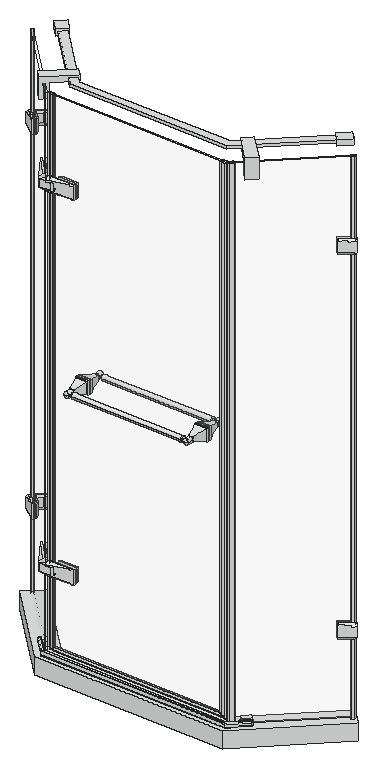
Revit family "Shower-Shower_Door-KOHLER-NEW_MEMOIRS-K-76570T_1", category Specialty Equipment, host Face, Revit 2017
Family settings
  Host = Face
  Round Connector Dimension = Use Diameter
  Part Type = Normal
  OmniClass Number = 23.31.17.17
  OmniClass Title = Shower Enclosures
  Cut with Voids When Loaded = No
  Shared = No
  Room Calculation Point = No
Parameters (values of type "SHP-Polished Bright Silver")
  Width = 50 15/128"  # constant formula
  WaterSense Certified = 1 = 0  # no
  URL = "http://www.kohler.com.cn/"
  Type = 1
  Product Page URL = "https://www.kohler.com.cn/product/K-76570T-FM-SHP/K-76570T-FM-SHP/"
  Product Name = "NEW MEMOIRS"  # constant formula
  Product Documentation Link = "https://files.kohler.com.cn/pdfs/1537854717733_K-76570T-L-SHP-K-76583T-L-SHP(1269270).pdf"
  Model = if(Type = 1, "K-76570T-FM-SHP", if(Type = 2, "K-76570T-FM-AF", if(Type = 3, "K-76570T-FM-BN", if(Type = 4, "K-76570T-FM-RGD", "NA"))))  # "K-76570T-FM-SHP"
  Material = "Premium Metal Construction"  # constant formula
  Master Format 2014 Name = "Toilet, Bath, and Laundry Accessories"  # constant formula
  Master Format 2014 = "10 28 00"  # constant formula
  Manufacturer Address = "Kohler Beijing Office (100016) 36-2-03-B, No. 88, Liuxiang Road, Beijing"  # constant formula
  Manufacturer = "KOHLER Co."  # constant formula
  Length = 16 57/64"  # constant formula
  Height = 77 127/128"  # constant formula
  Finish = Kohler-Metal-SHP-Bright_Polished_Silver
  Environmental Product Declaration = ""
  Description = "Shower room with door, diamond type (two fixed glass and one door glass)"  # constant formula
  Default Elevation = 0"
  Declare Label = ""
  Date Modified = "09/29/2020"  # constant formula
  Date Created = "09/29/2020"  # constant formula
  Copyright = "Copyright KOHLER Co."  # constant formula
  Contact Us = "http://www.kohler.com.cn/contact/contact-us/"
  Assembly Code = "C1030200"
  ADA Compliant = 1 = 0  # no
Reference planes (in)
  plane 1 "Center (Front/Back)": y = 0
  plane 2: z = 0
  plane 3 "Center (Left/Right)": x = 0
  plane 4: x = 25.05906
  plane 5: x = -25.05813
  plane 6: x = -13.99514
  plane 7: x = 13.99699
  plane 8: x = -7.84646
  plane 9: x = -8.77165
  plane 10: x = -6.92126
  plane 11: x = 1.00486
  plane 12: x = 8.92913
  plane 13: x = 9.85433
  plane 14: x = 10.77953
  plane 15: z = 40.1378
  plane 16: z = 77.16535
  plane 17: z = 77.99219
  plane 18: z = 41.06299
  plane 19: z = 39.2126
  plane 20: y = 8.44488
  plane 21: y = -8.44574
  plane 22: y = -5.31312
  plane 23: y = -4.9973
  plane 24: through (-10.34351, -8.44488, 48) normal (-0.7071, -0.7071, 0)
  plane 25: through (-25.05933, 6.71636, 48) normal (0.7071, 0.7071, 0)
  plane 26: through (25.05906, 6.27067, 48) normal (0.7071, -0.7071, 0)
  plane 27: through (9.89808, -8.44488, 48) normal (-0.7071, 0.7071, 0)
  plane 28: through (-14.04601, -0.61666, 48) normal (-0.7071, -0.7071, 0)
  plane 29: through (-13.21084, 0.2185, 48) normal (-0.7071, -0.7071, 0)
  plane 30: through (13.21084, 0.2185, 48) normal (-0.7071, 0.7071, 0)
  plane 31: through (14.04601, -0.61666, 48) normal (-0.7071, 0.7071, 0)
  plane 32: through (-25.05933, 4.54439, 48) normal (-0.7071, 0.7071, 0)
  plane 33: through (-15.88887, -8.44488, 48) normal (-0.7071, 0.7071, 0)
  plane 34: through (25.05933, 4.54439, 48) normal (-0.7071, -0.7071, 0)
  plane 35: through (15.88887, -8.44488, 48) normal (-0.7071, -0.7071, 0)
  plane 36: y = -6.53532
  plane 37: y = 6.77177
Dimensions and locks (in)
  "Width": plane 5 to plane 4
  "Height": plane 17 to plane 2
  locked: plane 16 to plane 2 at 77.16535
  locked: plane 15 to plane 2 at 40.1378
  locked: plane 5 to plane 6 at 11.06299
  locked: plane 6 to plane 7 at 27.99213
  plane 7 to plane 4 = 11.06207"
  locked: plane 28 to plane 29 at 1.1811
  locked: plane 30 to plane 31 at 1.1811
  locked: plane 27 to plane 26 at 0.31496
  locked: plane 25 to plane 24 at 0.31496
  locked: plane 6 to plane 11 at 15
  locked: plane 9 to plane 14 at 19.55118
  locked: plane 21 to plane 22 at 3.13262
  locked: plane 32 to plane 33 at 15.66929
  locked: plane 34 to plane 35 at 15.66929
  "Length": plane 20 to plane 21
  locked: plane 37 to plane 36 at 13.30709
  aligned and locked: plane 2 to host face
  aligned and locked: level to host face
Automatic sketch dimensions
  host sketch curve to host sketch curve = 96"  (x2)
Nested families (in)
  nested 1: "K-76570T" at (0, 8.44488, 0), type "K-76570T"
Definition of nested family "K-76570T"
  Parameters (values of type "K-76570T")
    Material = none
  Reference planes (in)
    plane 1 "Center (Front/Back)": y = 0
    plane 2: z = 0
    plane 3 "Center (Left/Right)": x = 0
    plane 4: x = -25.05906
    plane 5: x = 25.05906
    plane 6: x = -13.99606
    plane 7: x = 13.99606
    plane 8: z = 40.1378
    plane 9: z = 77.16535
    plane 10: z = 77.99213
    plane 11: y = -16.88976
    plane 12: x = 1.00394
    plane 13 "A": through (-22.15546, -0.99663, 48) normal (0.7071, -0.7071, 0)
    plane 14: through (-5.31446, -6.31535, 48) normal (0.7071, -0.7071, 0)
    plane 15: through (22.15546, -0.99663, 48) normal (0.7071, 0.7071, 0)
    plane 16 "B": through (5.31446, -6.31535, 48) normal (0.7071, 0.7071, 0)
    plane 17: through (-24.02902, -3.20425, 48) normal (0.7071, 0.7071, 0)
    plane 18: through (-23.80631, -2.98154, 48) normal (0.7071, 0.7071, 0)
    plane 19: through (24.02902, -3.20425, 48) normal (0.7071, -0.7071, 0)
    plane 20: through (23.80631, -2.98154, 48) normal (0.7071, -0.7071, 0)
    plane 21: y = -13.75714
    plane 22: y = -13.44218
    plane 23: y = -1.67311
    plane 24: y = -14.9802
    plane 25: z = 14.17323
    plane 26: z = 65.35433
    plane 27: x = -8.77165
    plane 28: x = 10.77953
    plane 29: x = -6.92126
    plane 30: x = -7.84646
    plane 31: x = 8.92913
    plane 32: x = 9.85433
    plane 33: y = -10.21533
    plane 34: y = -11.39643
    plane 35: y = -8.44488
  Forms (in)
    Extrusion 1, solid, material <- "Material", detail levels medium+fine
      sketch origin (0, 0, 0) x (1, 0, 0) y (0, 1, 0)
        loop
          line (-22.83195, -1.67311) -> (-25.05906, -3.90022) -> (-13.97908, -14.9802) -> (13.9709, -14.9802) -> (25.05496, -3.89613) -> (22.82786, -1.66902) -> (12.66768, -11.8292) -> (-12.67586, -11.8292) -> (-22.83195, -1.67311)
      from 0 to 2.3622
    Extrusion 2, solid, material <- "Material", detail levels medium+fine
      sketch origin (0, 0, 0) x (1, 0, 0) y (0, 1, 0)
        loop
          line (-23.81187, -2.97597) -> (-23.55306, -3.23478)
          arc (-23.55306, -3.23478) -> (-23.54408, -3.2181) -> (-23.55011, -3.20015) r 0.02382
          line (-23.55011, -3.20015) -> (-23.79037, -2.93331)
          arc (-23.79037, -2.93331) -> (-24.08497, -2.92559) -> (-24.07725, -3.22018) r 0.20313
          line (-24.07725, -3.22018) -> (-23.8106, -3.46028)
          arc (-23.8106, -3.46028) -> (-23.79278, -3.46609) -> (-23.77652, -3.45675) r 0.02309
          line (-23.77652, -3.45675) -> (-24.03556, -3.19771)
          arc (-24.03556, -3.19771) -> (-24.04438, -3.17641) -> (-24.03556, -3.15511) r 0.03012
          line (-24.03556, -3.15511) -> (-23.85642, -2.97597)
          arc (-23.85642, -2.97597) -> (-23.83415, -2.96675) -> (-23.81187, -2.97597) r 0.0315
      from 2.3622 to 77.16535
    Extrusion 3, solid, material <- "Material", detail levels medium+fine
      sketch origin (0, 0, 0) x (1, 0, 0) y (0, 1, 0)
        loop
          line (-12.69487, -13.44218) -> (-12.32876, -13.44218)
          arc (-12.32876, -13.44218) -> (-12.33432, -13.42383) -> (-12.35151, -13.4153) r 0.02417
          arc (-12.35151, -13.4153) -> (-12.55834, -13.39902) -> (-12.76573, -13.39359) r 3.96278
          line (-12.76573, -13.39359) -> (-13.34024, -13.39359) -> (-13.34024, -13.43296) -> (-12.76573, -13.43296) -> (-12.76573, -13.7745)
          arc (-12.76573, -13.7745) -> (-12.75011, -13.8096) -> (-12.71357, -13.82148) r 0.04724
          line (-12.71357, -13.82148) -> (-12.35024, -13.78345)
          arc (-12.35024, -13.78345) -> (-12.33488, -13.77454) -> (-12.33132, -13.75714) r 0.0217
          line (-12.33132, -13.75714) -> (-12.69487, -13.75714)
          arc (-12.69487, -13.75714) -> (-12.71714, -13.74792) -> (-12.72636, -13.72565) r 0.0315
          line (-12.72636, -13.72565) -> (-12.72636, -13.47368)
          arc (-12.72636, -13.47368) -> (-12.71714, -13.45141) -> (-12.69487, -13.44218) r 0.0315
      from 3.30709 to 77.16535
    Extrusion 4, solid, material <- "Material", detail levels medium+fine
      sketch origin (0, 0, 0) x (1, 0, 0) y (0, 1, 0)
        loop
          arc (12.99017, -13.4419) -> (13.01244, -13.45112) -> (13.02167, -13.47339) r 0.0315
          line (13.02167, -13.47339) -> (13.02167, -13.72536)
          arc (13.02167, -13.72536) -> (13.01244, -13.74763) -> (12.99017, -13.75686) r 0.0315
          line (12.99017, -13.75686) -> (12.50771, -13.75686)
          arc (12.50771, -13.75686) -> (12.50928, -13.78024) -> (12.52642, -13.79623) r 0.03186
          arc (12.52642, -13.79623) -> (12.73099, -13.85511) -> (12.94293, -13.87497) r 1.14096
          line (12.94293, -13.87497) -> (13.35211, -13.87497) -> (13.51427, -13.8078) -> (13.34307, -13.39449)
          arc (13.34307, -13.39449) -> (13.21658, -13.34177) -> (13.08072, -13.32379) r 0.52206
          line (13.08072, -13.32379) -> (12.94293, -13.32379)
          arc (12.94293, -13.32379) -> (12.73583, -13.34254) -> (12.53547, -13.3982) r 1.1528
          arc (12.53547, -13.3982) -> (12.51424, -13.41541) -> (12.50751, -13.4419) r 0.04341
          line (12.50751, -13.4419) -> (12.99017, -13.4419)
        loop
          line (13.37342, -13.82353) -> (13.44617, -13.7934) -> (13.2955, -13.42966) -> (13.22276, -13.4598) -> (13.37342, -13.82353)
      from 3.30709 to 77.16535
    Extrusion 5, solid, material <- "Material", detail levels medium+fine
      sketch origin (0, 0, 0) x (1, 0, 0) y (0, 1, 0)
        loop
          line (23.7914, -2.93283) -> (23.55633, -3.19391)
          arc (23.55633, -3.19391) -> (23.55112, -3.21139) -> (23.56138, -3.22647) r 0.02126
          line (23.56138, -3.22647) -> (23.81792, -2.96992)
          arc (23.81792, -2.96992) -> (23.8402, -2.9607) -> (23.86247, -2.96992) r 0.0315
          line (23.86247, -2.96992) -> (24.04138, -3.14883)
          arc (24.04138, -3.14883) -> (24.05029, -3.17036) -> (24.04138, -3.19189) r 0.03045
          line (24.04138, -3.19189) -> (23.78299, -3.45028)
          arc (23.78299, -3.45028) -> (23.79879, -3.45997) -> (23.81646, -3.4544) r 0.02234
          line (23.81646, -3.4544) -> (24.07772, -3.21916)
          arc (24.07772, -3.21916) -> (24.08542, -2.92513) -> (23.7914, -2.93283) r 0.20274
      from 2.3622 to 77.16535
    Extrusion 6, solid, material <- "Material", detail levels medium+fine
      sketch origin (0, 0, 0) x (1, 0, 0) y (0, 1, 0)
        loop
          line (13.56735, -13.10096) -> (13.46991, -13.1984)
          arc (13.46991, -13.1984) -> (13.39429, -13.30475) -> (13.3578, -13.43005) r 0.39178
          line (13.3578, -13.43005) -> (13.52693, -13.83837) -> (13.66776, -13.78004) -> (13.85966, -13.58814)
          arc (13.85966, -13.58814) -> (14.03817, -13.36941) -> (14.1692, -13.11932) r 1.40119
          arc (14.1692, -13.11932) -> (14.17367, -13.09271) -> (14.16661, -13.06666) r 0.06312
          line (14.16661, -13.06666) -> (13.81776, -13.41551)
          arc (13.81776, -13.41551) -> (13.79415, -13.42529) -> (13.77054, -13.41551) r 0.03339
          line (13.77054, -13.41551) -> (13.59371, -13.23868)
          arc (13.59371, -13.23868) -> (13.58449, -13.21641) -> (13.59371, -13.19414) r 0.0315
          line (13.59371, -13.19414) -> (13.94446, -12.84338)
          arc (13.94446, -12.84338) -> (13.92025, -12.83535) -> (13.8956, -12.84191) r 0.04454
          arc (13.8956, -12.84191) -> (13.72387, -12.9618) -> (13.56735, -13.10096) r 1.78665
        loop
          line (13.39291, -13.42514) -> (13.54357, -13.78887) -> (13.61632, -13.75874) -> (13.46565, -13.395) -> (13.39291, -13.42514)
      from 2.3622 to 77.16535
    Sweep 7, solid, material <- "Material", detail levels medium+fine
      path origin (0, 0, 0) x (1, 0, 0) y (0, 1, 0)
        loop
          line (-15.71574, -11.73686) -> (-15.91061, -11.93173)
          arc (-15.91061, -11.93173) -> (-15.9452, -12.01525) -> (-15.91061, -12.09876) r 0.11811
          line (-15.91061, -12.09876) -> (-13.6835, -14.32587) -> (13.6787, -14.32587) -> (15.90581, -12.09876)
          arc (15.90581, -12.09876) -> (15.94041, -12.01525) -> (15.90581, -11.93173) r 0.11811
          line (15.90581, -11.93173) -> (15.71094, -11.73686) -> (13.51563, -13.93217) -> (-13.52042, -13.93217) -> (-15.71574, -11.73686)
      profile origin (-13.6835, -14.32587, 0) x (0, 1, 0) y (0, 0, 1)
        loop
          line (0, 2.9328) -> (0, 2.38323)
          arc (0, 2.38323) -> (0.00616, 2.36836) -> (0.02103, 2.3622) r 0.02103
          line (0.02103, 2.3622) -> (0.09567, 2.3622) -> (0.09567, 2.95276) -> (0.01996, 2.95276)
          arc (0.01996, 2.95276) -> (0.00585, 2.94691) -> (0, 2.9328) r 0.01996
    Extrusion 8, solid, material <- "Material", detail levels medium+fine
      sketch origin (0, 0, 0) x (1, 0, 0) y (0, 1, 0)
        loop
          line (-13.64387, -14.2302) -> (13.63908, -14.2302) -> (15.83816, -12.03111)
          arc (15.83816, -12.03111) -> (15.84473, -12.01525) -> (15.83816, -11.99938) r 0.02244
          line (15.83816, -11.99938) -> (15.71094, -11.87216) -> (13.55526, -14.02784) -> (-13.56005, -14.02784) -> (-15.71574, -11.87216) -> (-15.84296, -11.99938)
          arc (-15.84296, -11.99938) -> (-15.84953, -12.01525) -> (-15.84296, -12.03111) r 0.02244
          line (-15.84296, -12.03111) -> (-13.64387, -14.2302)
      from 2.3622 to 2.95276
    Extrusion 9, solid, detail levels medium+fine
      sketch origin (0, 0, 0) x (1, 0, 0) y (0, 1, 0)
        loop
          line (-24.0283, -3.14785) -> (-24.0283, -3.20497) -> (-13.40569, -13.82758) -> (-13.34857, -13.82758) -> (-13.18395, -13.66296) -> (-13.18395, -13.6039) -> (-23.80461, -2.98323) -> (-23.86368, -2.98323) -> (-24.0283, -3.14785)
      from 2.3622 to 77.16535
    Extrusion 10, solid, detail levels medium+fine
      sketch origin (0, 0, 0) x (1, 0, 0) y (0, 1, 0)
        loop
          line (-12.69487, -13.44218) -> (-12.72636, -13.47368) -> (-12.72636, -13.72565) -> (-12.69487, -13.75714) -> (12.97628, -13.75714) -> (13.02167, -13.72536) -> (13.02167, -13.47339) -> (12.99046, -13.44218) -> (-12.69487, -13.44218)
      from 3.34646 to 77.16535
    Extrusion 11, solid, detail levels medium+fine
      sketch origin (0, 0, 0) x (1, 0, 0) y (0, 1, 0)
        loop
          line (13.59371, -13.19414) -> (13.59371, -13.23868) -> (13.77054, -13.41551) -> (13.81776, -13.41551) -> (24.04062, -3.19265) -> (24.04062, -3.14808) -> (23.86247, -2.96992) -> (23.81792, -2.96992) -> (13.59371, -13.19414)
      from 2.3622 to 77.16535
    Extrusion 12, solid, material <- "Material", detail levels medium+fine
      sketch origin (0, 0, 0) x (0, 1, 0) y (0, 0, 1)
        loop
          line (-13.76461, 3.30709) -> (-13.44698, 3.30709)
          arc (-13.44698, 3.30709) -> (-13.41023, 3.32288) -> (-13.39639, 3.3604) r 0.05067
          line (-13.39639, 3.3604) -> (-13.41045, 3.62866)
          arc (-13.41045, 3.62866) -> (-13.17733, 3.20974) -> (-13.09362, 2.7377) r 1.44938
          arc (-13.09362, 2.7377) -> (-13.0735, 2.71816) -> (-13.05418, 2.73848) r 0.01973
          arc (-13.05418, 2.73848) -> (-13.15499, 3.24862) -> (-13.4153, 3.69878) r 1.58674
          arc (-13.4153, 3.69878) -> (-13.41987, 3.72536) -> (-13.44218, 3.74052) r 0.03447
          line (-13.44218, 3.74052) -> (-13.44218, 3.37795)
          arc (-13.44218, 3.37795) -> (-13.45141, 3.35568) -> (-13.47368, 3.34646) r 0.0315
          line (-13.47368, 3.34646) -> (-13.72565, 3.34646)
          arc (-13.72565, 3.34646) -> (-13.74792, 3.35568) -> (-13.75714, 3.37795) r 0.0315
          line (-13.75714, 3.37795) -> (-13.75714, 3.74367)
          arc (-13.75714, 3.74367) -> (-13.77083, 3.73657) -> (-13.7773, 3.72258) r 0.02384
          line (-13.7773, 3.72258) -> (-13.81494, 3.36296)
          arc (-13.81494, 3.36296) -> (-13.80221, 3.32382) -> (-13.76461, 3.30709) r 0.0506
      from -12.76573 to 13.02167
    Blend 13, solid, material <- "Material", detail levels medium+fine
      base sketch origin (5.87809, -15.78741, 2.3622) x (-0.707107, 0.707107, 0) y (0, 0, -1)
        loop
          line (-4.10665, -12.78815) -> (-3.93701, -12.78815) -> (-3.93701, -10.81965) -> (-4.08233, -10.81965) -> (-4.54153, -11.08871) -> (-4.54153, -12.53334) -> (-4.10665, -12.78815)
      top sketch origin (5.87809, -15.78741, 2.3622) x (-0.707107, 0.707107, 0) y (0, 0, -1)
        loop
          line (-4.0989, -10.8726) -> (-4.0989, -12.74944) -> (-4.06019, -12.78815) -> (-3.93701, -12.78815) -> (-3.93701, -10.81965) -> (-4.04594, -10.81965) -> (-4.0989, -10.8726)
      from -21.9685 to -19.78572
    Extrusion 14, solid, material <- "Material", detail levels medium+fine
      sketch origin (5.87809, -15.78741, 2.3622) x (-0.707107, -0.707107, 0) y (0.707107, -0.707107, 0)
        loop
          line (-21.9685, 3.62205) -> (-21.9685, 1.88976) -> (-21.80355, 1.88976)
          arc (-21.80355, 1.88976) -> (-21.6806, 2.17374) -> (-21.63859, 2.48031) r 1.13958
          line (-21.63859, 2.48031) -> (-21.63859, 3.26772) -> (-20.46192, 3.26772)
          arc (-20.46192, 3.26772) -> (-20.11241, 3.31274) -> (-19.78572, 3.44488) r 1.37905
          line (-19.78572, 3.44488) -> (-19.78572, 3.62205) -> (-21.9685, 3.62205)
      from 10.82677 to 12.79528
    Sweep 15, void
      path origin (5.87809, -15.78741, 2.3622) x (-0.707107, -0.707107, 0) y (0.707107, -0.707107, 0)
        loop
          line (-19.6876, 3.26772) -> (-21.63859, 3.26772) -> (-21.63859, 1.88976)
      profile origin (22.79973, -3.48702, 2.3622) x (-0.707107, 0.707107, 0) y (0, 0, 1)
        loop
          line (0, 12.84464) -> (-0.17783, 12.84464) -> (0, 12.43584) -> (0, 12.84464)
        loop
          line (0, 10.7774) -> (0, 11.1862) -> (-0.17783, 10.7774) -> (0, 10.7774)
    Blend 16, solid, material <- "Material", detail levels medium+fine
      base sketch origin (5.87809, -15.78741, 53.54331) x (-0.707107, 0.707107, 0) y (0, 0, -1)
        loop
          line (-4.10665, -12.78815) -> (-3.93701, -12.78815) -> (-3.93701, -10.81965) -> (-4.08233, -10.81965) -> (-4.54153, -11.08871) -> (-4.54153, -12.53334) -> (-4.10665, -12.78815)
      top sketch origin (5.87809, -15.78741, 53.54331) x (-0.707107, 0.707107, 0) y (0, 0, -1)
        loop
          line (-4.0989, -10.8726) -> (-4.0989, -12.74944) -> (-4.06019, -12.78815) -> (-3.93701, -12.78815) -> (-3.93701, -10.81965) -> (-4.04594, -10.81965) -> (-4.0989, -10.8726)
      from -21.9685 to -19.78572
    Extrusion 17, solid, material <- "Material", detail levels medium+fine
      sketch origin (5.87809, -15.78741, 53.54331) x (-0.707107, -0.707107, 0) y (0.707107, -0.707107, 0)
        loop
          line (-21.9685, 3.62205) -> (-21.9685, 1.88976) -> (-21.80355, 1.88976)
          arc (-21.80355, 1.88976) -> (-21.6806, 2.17374) -> (-21.63859, 2.48031) r 1.13958
          line (-21.63859, 2.48031) -> (-21.63859, 3.26772) -> (-20.46192, 3.26772)
          arc (-20.46192, 3.26772) -> (-20.11241, 3.31274) -> (-19.78572, 3.44488) r 1.37905
          line (-19.78572, 3.44488) -> (-19.78572, 3.62205) -> (-21.9685, 3.62205)
      from 10.82677 to 12.79528
    Sweep 18, void
      path origin (5.87809, -15.78741, 53.54331) x (-0.707107, -0.707107, 0) y (0.707107, -0.707107, 0)
        loop
          line (-19.6876, 3.26772) -> (-21.63859, 3.26772) -> (-21.63859, 1.88976)
      profile origin (22.79973, -3.48702, 53.54331) x (-0.707107, 0.707107, 0) y (0, 0, 1)
        loop
          line (0, 12.84464) -> (-0.17783, 12.84464) -> (0, 12.43584) -> (0, 12.84464)
        loop
          line (0, 10.7774) -> (0, 11.1862) -> (-0.17783, 10.7774) -> (0, 10.7774)
    Blend 19, solid, material <- "Material", detail levels medium+fine
      base sketch origin (-5.87809, -15.78741, 2.3622) x (0.707107, 0.707107, 0) y (0, 0, 1)
        loop
          line (-4.10665, 12.78815) -> (-4.54153, 12.53334) -> (-4.54153, 11.08871) -> (-4.08233, 10.81965) -> (-3.93701, 10.81965) -> (-3.93701, 12.78815) -> (-4.10665, 12.78815)
      top sketch origin (-5.87809, -15.78741, 2.3622) x (0.707107, 0.707107, 0) y (0, 0, 1)
        loop
          line (-4.0989, 10.8726) -> (-4.04594, 10.81965) -> (-3.93701, 10.81965) -> (-3.93701, 12.78815) -> (-4.06019, 12.78815) -> (-4.0989, 12.74944) -> (-4.0989, 10.8726)
      from -21.9685 to -19.78572
    Extrusion 20, solid, material <- "Material", detail levels medium+fine
      sketch origin (-5.87809, -15.78741, 2.3622) x (0.707107, -0.707107, 0) y (0.707107, 0.707107, 0)
        loop
          line (-21.9685, -3.62205) -> (-19.78572, -3.62205) -> (-19.78572, -3.44488)
          arc (-19.78572, -3.44488) -> (-20.11241, -3.31274) -> (-20.46192, -3.26772) r 1.37905
          line (-20.46192, -3.26772) -> (-21.63859, -3.26772) -> (-21.63859, -2.48031)
          arc (-21.63859, -2.48031) -> (-21.6806, -2.17374) -> (-21.80355, -1.88976) r 1.13958
          line (-21.80355, -1.88976) -> (-21.9685, -1.88976) -> (-21.9685, -3.62205)
      from 10.82677 to 12.79528
    Sweep 21, void
      path origin (-5.87809, -15.78741, 2.3622) x (0.707107, -0.707107, 0) y (0.707107, 0.707107, 0)
        loop
          line (-19.6876, -3.26772) -> (-21.63859, -3.26772) -> (-21.63859, -1.88976)
      profile origin (-22.79973, -3.48702, 2.3622) x (-0.707107, -0.707107, 0) y (0, 0, 1)
        loop
          line (0, 12.84464) -> (0, 12.43584) -> (0.17783, 12.84464) -> (0, 12.84464)
        loop
          line (0, 10.7774) -> (0.17783, 10.7774) -> (0, 11.1862) -> (0, 10.7774)
    Blend 22, solid, material <- "Material", detail levels medium+fine
      base sketch origin (-5.87809, -15.78741, 53.54331) x (0.707107, 0.707107, 0) y (0, 0, 1)
        loop
          line (-4.10665, 12.78815) -> (-4.54153, 12.53334) -> (-4.54153, 11.08871) -> (-4.08233, 10.81965) -> (-3.93701, 10.81965) -> (-3.93701, 12.78815) -> (-4.10665, 12.78815)
      top sketch origin (-5.87809, -15.78741, 53.54331) x (0.707107, 0.707107, 0) y (0, 0, 1)
        loop
          line (-4.0989, 10.8726) -> (-4.04594, 10.81965) -> (-3.93701, 10.81965) -> (-3.93701, 12.78815) -> (-4.06019, 12.78815) -> (-4.0989, 12.74944) -> (-4.0989, 10.8726)
      from -21.9685 to -19.78572
    Extrusion 23, solid, material <- "Material", detail levels medium+fine
      sketch origin (-5.87809, -15.78741, 53.54331) x (0.707107, -0.707107, 0) y (0.707107, 0.707107, 0)
        loop
          line (-21.9685, -3.62205) -> (-19.78572, -3.62205) -> (-19.78572, -3.44488)
          arc (-19.78572, -3.44488) -> (-20.11241, -3.31274) -> (-20.46192, -3.26772) r 1.37905
          line (-20.46192, -3.26772) -> (-21.63859, -3.26772) -> (-21.63859, -2.48031)
          arc (-21.63859, -2.48031) -> (-21.6806, -2.17374) -> (-21.80355, -1.88976) r 1.13958
          line (-21.80355, -1.88976) -> (-21.9685, -1.88976) -> (-21.9685, -3.62205)
      from 10.82677 to 12.79528
    Sweep 24, void
      path origin (-5.87809, -15.78741, 53.54331) x (0.707107, -0.707107, 0) y (0.707107, 0.707107, 0)
        loop
          line (-19.6876, -3.26772) -> (-21.63859, -3.26772) -> (-21.63859, -1.88976)
      profile origin (-22.79973, -3.48702, 53.54331) x (-0.707107, -0.707107, 0) y (0, 0, 1)
        loop
          line (0, 12.84464) -> (0, 12.43584) -> (0.17783, 12.84464) -> (0, 12.84464)
        loop
          line (0, 10.7774) -> (0.17783, 10.7774) -> (0, 11.1862) -> (0, 10.7774)
    Blend 25, solid, material <- "Material", detail levels medium+fine
      base sketch origin (-16.48562, -5.17988, 2.3622) x (0.707107, 0.707107, 0) y (0, 0, -1)
        loop
          line (-4.20623, -12.79528) -> (-3.93701, -12.79528) -> (-3.93701, -10.82677) -> (-4.20623, -10.82677) -> (-4.70948, -11.12205) -> (-4.70948, -12.5) -> (-4.20623, -12.79528)
      top sketch origin (-16.48562, -5.17988, 2.3622) x (0.707107, 0.707107, 0) y (0, 0, -1)
        loop
          line (-3.99075, -12.79528) -> (-3.93701, -12.79528) -> (-3.93701, -10.82677) -> (-3.99075, -10.82677) -> (-4.01973, -10.85575) -> (-4.01973, -12.76629) -> (-3.99075, -12.79528)
      from -8.24935 to -4.35831
    Extrusion 26, solid, material <- "Material", detail levels medium+fine
      sketch origin (-6.63189, -15.03361, 2.36933) x (0.707107, -0.707107, 0) y (0.707107, 0.707107, 0)
        loop
          line (-5.68593, -4.59843) -> (-5.45233, -4.59843) -> (-4.23873, -3.38483)
          arc (-4.23873, -3.38483) -> (-4.23873, -2.99808) -> (-4.62547, -2.99808) r 0.27347
          line (-4.62547, -2.99808) -> (-5.64318, -4.01575) -> (-5.68593, -4.01575) -> (-5.68593, -4.59843)
      from 11.2724 to 12.33539
    Extrusion 27, solid, material <- "Material", detail levels medium+fine
      sketch origin (-15.48486, -6.18064, 2.3622) x (-0.707107, 0.707107, 0) y (-0.707107, -0.707107, 0)
        loop
          line (-3.13326, 3.52581) -> (-5.73169, 3.52581) -> (-5.73169, 3.41232)
          arc (-5.73169, 3.41232) -> (-5.72564, 3.39714) -> (-5.71082, 3.39029) r 0.02206
          arc (-5.71082, 3.39029) -> (-5.54509, 3.36012) -> (-5.3921, 3.2896) r 0.67048
          arc (-5.3921, 3.2896) -> (-5.34897, 3.27042) -> (-5.30222, 3.26386) r 0.16979
          line (-5.30222, 3.26386) -> (-3.15778, 3.26386)
          arc (-3.15778, 3.26386) -> (-3.14044, 3.27104) -> (-3.13326, 3.28837) r 0.02451
          line (-3.13326, 3.28837) -> (-3.13326, 3.52581)
      from 10.82677 to 12.79528
    Blend 28, solid, material <- "Material", detail levels medium+fine
      base sketch origin (-5.98068, -9.82014, 2.36933) x (0, 1, 0) y (0, 0, 1)
        loop
          line (-4.20623, 12.78815) -> (-4.70948, 12.49287) -> (-4.70948, 11.11492) -> (-4.20623, 10.81965) -> (-3.93701, 10.81965) -> (-3.93701, 12.78815) -> (-4.20623, 12.78815)
      top sketch origin (-5.98068, -9.82014, 2.36933) x (0, 1, 0) y (0, 0, 1)
        loop
          line (-3.99787, 12.78815) -> (-4.01973, 12.76629) -> (-4.01973, 10.85575) -> (-3.98362, 10.81965) -> (-3.93701, 10.81965) -> (-3.93701, 12.78815) -> (-3.99787, 12.78815)
      from -6.78505 to -3.1121
    Extrusion 29, solid, material <- "Material", detail levels medium+fine
      sketch origin (-5.98068, -9.82014, 2.3622) x (1, 0, 0) y (0, 1, 0)
        loop
          line (-3.13326, -3.52581) -> (-3.13326, -3.28837)
          arc (-3.13326, -3.28837) -> (-3.14044, -3.27104) -> (-3.15778, -3.26386) r 0.02451
          line (-3.15778, -3.26386) -> (-5.30222, -3.26386)
          arc (-5.30222, -3.26386) -> (-5.34897, -3.27042) -> (-5.3921, -3.2896) r 0.16979
          arc (-5.3921, -3.2896) -> (-5.54509, -3.36012) -> (-5.71082, -3.39029) r 0.67048
          arc (-5.71082, -3.39029) -> (-5.72564, -3.39714) -> (-5.73169, -3.41232) r 0.02206
          line (-5.73169, -3.41232) -> (-5.73169, -3.52581) -> (-3.13326, -3.52581)
      from 10.82677 to 12.79528
    Extrusion 30, void
      sketch origin (0, 0, 0) x (1, 0, 0) y (0, 0, 1)
        loop
          line (-13.06591, 14.70472) -> (-13.06591, 13.64173) -> (-11.75346, 13.64173) -> (-11.75346, 14.70472) -> (-13.06591, 14.70472)
      from 13.75714 to 14.79682
    Blend 31, solid, material <- "Material", detail levels medium+fine
      base sketch origin (-16.48562, -5.17988, 53.54331) x (0.707107, 0.707107, 0) y (0, 0, -1)
        loop
          line (-4.20623, -12.79528) -> (-3.93701, -12.79528) -> (-3.93701, -10.82677) -> (-4.20623, -10.82677) -> (-4.70948, -11.12205) -> (-4.70948, -12.5) -> (-4.20623, -12.79528)
      top sketch origin (-16.48562, -5.17988, 53.54331) x (0.707107, 0.707107, 0) y (0, 0, -1)
        loop
          line (-3.99075, -12.79528) -> (-3.93701, -12.79528) -> (-3.93701, -10.82677) -> (-3.99075, -10.82677) -> (-4.01973, -10.85575) -> (-4.01973, -12.76629) -> (-3.99075, -12.79528)
      from -8.24935 to -4.40854
    Extrusion 32, solid, material <- "Material", detail levels medium+fine
      sketch origin (-6.63189, -15.03361, 53.55043) x (0.707107, -0.707107, 0) y (0.707107, 0.707107, 0)
        loop
          line (-5.68593, -4.59843) -> (-5.45233, -4.59843) -> (-4.23873, -3.38483)
          arc (-4.23873, -3.38483) -> (-4.23873, -2.99808) -> (-4.62547, -2.99808) r 0.27347
          line (-4.62547, -2.99808) -> (-5.64318, -4.01575) -> (-5.68593, -4.01575) -> (-5.68593, -4.59843)
      from 11.2724 to 12.33539
    Extrusion 33, solid, material <- "Material", detail levels medium+fine
      sketch origin (-16.48239, -5.18311, 53.54331) x (-0.707107, 0.707107, 0) y (-0.707107, -0.707107, 0)
        loop
          line (-4.54399, 3.52581) -> (-7.14241, 3.52581) -> (-7.14241, 3.41232)
          arc (-7.14241, 3.41232) -> (-7.13637, 3.39714) -> (-7.12154, 3.39029) r 0.02206
          arc (-7.12154, 3.39029) -> (-6.95581, 3.36012) -> (-6.80283, 3.2896) r 0.67048
          arc (-6.80283, 3.2896) -> (-6.75969, 3.27042) -> (-6.71294, 3.26386) r 0.16979
          line (-6.71294, 3.26386) -> (-4.5685, 3.26386)
          arc (-4.5685, 3.26386) -> (-4.55117, 3.27104) -> (-4.54399, 3.28837) r 0.02451
          line (-4.54399, 3.28837) -> (-4.54399, 3.52581)
      from 10.82677 to 12.79528
    Blend 34, solid, material <- "Material", detail levels medium+fine
      base sketch origin (-5.98068, -9.82014, 53.55043) x (0, 1, 0) y (0, 0, 1)
        loop
          line (-4.20623, 12.78815) -> (-4.70948, 12.49287) -> (-4.70948, 11.11492) -> (-4.20623, 10.81965) -> (-3.93701, 10.81965) -> (-3.93701, 12.78815) -> (-4.20623, 12.78815)
      top sketch origin (-5.98068, -9.82014, 53.55043) x (0, 1, 0) y (0, 0, 1)
        loop
          line (-3.99787, 12.78815) -> (-4.01973, 12.76629) -> (-4.01973, 10.85575) -> (-3.98362, 10.81965) -> (-3.93701, 10.81965) -> (-3.93701, 12.78815) -> (-3.99787, 12.78815)
      from -6.78505 to -3.1121
    Extrusion 35, solid, material <- "Material", detail levels medium+fine
      sketch origin (-5.98068, -9.82014, 53.54331) x (1, 0, 0) y (0, 1, 0)
        loop
          line (-3.13326, -3.52581) -> (-3.13326, -3.28837)
          arc (-3.13326, -3.28837) -> (-3.14044, -3.27104) -> (-3.15778, -3.26386) r 0.02451
          line (-3.15778, -3.26386) -> (-5.30222, -3.26386)
          arc (-5.30222, -3.26386) -> (-5.34897, -3.27042) -> (-5.3921, -3.2896) r 0.16979
          arc (-5.3921, -3.2896) -> (-5.54509, -3.36012) -> (-5.71082, -3.39029) r 0.67048
          arc (-5.71082, -3.39029) -> (-5.72564, -3.39714) -> (-5.73169, -3.41232) r 0.02206
          line (-5.73169, -3.41232) -> (-5.73169, -3.52581) -> (-3.13326, -3.52581)
      from 10.82677 to 12.79528
    Extrusion 36, void
      sketch origin (0, 0, 51.1811) x (1, 0, 0) y (0, 0, 1)
        loop
          line (-13.06591, 14.70472) -> (-13.06591, 13.64173) -> (-11.75346, 13.64173) -> (-11.75346, 14.70472) -> (-13.06591, 14.70472)
      from 13.75714 to 14.79682
    Extrusion 37, solid, material <- "Material", detail levels medium+fine
      sketch origin (0, 0, 0) x (1, 0, 0) y (0, 1, 0)
        loop
          line (-15.38336, -11.40449) -> (-14.5482, -12.23965) -> (-14.12821, -11.81967)
          arc (-14.12821, -11.81967) -> (-14.09391, -11.73686) -> (-14.12821, -11.65405) r 0.11711
          line (-14.12821, -11.65405) -> (-14.79593, -10.98634)
          arc (-14.79593, -10.98634) -> (-14.88057, -10.95128) -> (-14.96521, -10.98634) r 0.1197
          line (-14.96521, -10.98634) -> (-15.38336, -11.40449)
        loop
          line (15.38336, -11.40449) -> (14.96521, -10.98634)
          arc (14.96521, -10.98634) -> (14.88057, -10.95128) -> (14.79593, -10.98634) r 0.1197
          line (14.79593, -10.98634) -> (14.12821, -11.65405)
          arc (14.12821, -11.65405) -> (14.09391, -11.73686) -> (14.12821, -11.81967) r 0.11711
          line (14.12821, -11.81967) -> (14.5482, -12.23965) -> (15.38336, -11.40449)
      from 2.3622 to 2.9688
    Sweep 38, solid, material <- "Material", detail levels medium+fine
      path origin (10.57874, -28.9454, 2.24803) x (1, 0, 0) y (0, 0, -1)
        loop
          line (-19.35039, -38.81496) -> (-17.5, -38.81496) -> (-17.5, -36.96457) -> (-19.35039, -36.96457) -> (-19.35039, -38.81496)
      profile origin (-6.92126, -28.9454, 40.1378) x (0, 1, 0) y (-1, 0, 0)
        loop
          arc (15.72951, 0.10068) -> (16.69929, 0.42297) -> (17.70794, 0.5872) r 6.41598
          line (17.70794, 0.5872) -> (17.70794, 0.72149) -> (15.50322, 0.72149) -> (15.50322, 0)
          arc (15.50322, 0) -> (15.58025, 0.01349) -> (15.65259, 0.04318) r 0.36262
          line (15.65259, 0.04318) -> (15.65259, 0.10068) -> (15.72951, 0.10068)
    Revolve 39, solid, material <- "Material", detail levels medium+fine
      sketch origin (10.60462, -28.94541, 40.1378) x (-1, 0, 0) y (0, -1, 0)
        loop
          line (18.45108, -17.70794) -> (18.45108, -18.61346)
          arc (18.45108, -18.61346) -> (18.66096, -18.58116) -> (18.85141, -18.48725) r 0.69803
          line (18.85141, -18.48725) -> (18.85141, -17.8077) -> (18.7677, -17.70794) -> (18.45108, -17.70794)
        axis (18.45108, -18.61346) -> (18.45108, -17.70794)
      angle from 0 to 360
    Extrusion 40, void
      sketch origin (20.31102, -28.9454, 11.98031) x (0.707107, 0, -0.707107) y (0, -1, 0)
        loop
          arc (-39.97402, -17.8077) -> (-40.22015, -17.53294) -> (-40.54432, -17.35691) r 1.08127
          line (-40.54432, -17.35691) -> (-40.54432, -17.8077) -> (-39.97402, -17.8077)
        loop
          line (-39.66736, -17.8077) -> (-39.09706, -17.8077) -> (-39.09706, -17.35691)
          arc (-39.09706, -17.35691) -> (-39.42123, -17.53294) -> (-39.66736, -17.8077) r 1.08127
      from -1.53464 to 1.53761
    Extrusion 41, void
      sketch origin (-35.96826, -28.9454, 11.94259) x (-0.706211, 0, -0.708002) y (0, -1, 0)
        loop
          arc (-39.97402, -17.8077) -> (-40.22015, -17.53294) -> (-40.54432, -17.35691) r 1.08127
          line (-40.54432, -17.35691) -> (-40.54432, -17.8077) -> (-39.97402, -17.8077)
        loop
          line (-39.66736, -17.8077) -> (-39.09706, -17.8077) -> (-39.09706, -17.35691)
          arc (-39.09706, -17.35691) -> (-39.42123, -17.53294) -> (-39.66736, -17.8077) r 1.08127
      from -1.53464 to 1.53761
    Revolve 42, solid, material <- "Material", detail levels medium+fine
      sketch origin (10.57874, -28.9454, 40.1378) x (-1, 0, 0) y (0, -1, 0)
        loop
          line (17.66374, -17.91386) -> (17.66374, -17.74707) -> (1.48587, -17.74707) -> (1.48587, -17.91386) -> (0.72441, -17.91386) -> (0.72441, -18.13308) -> (18.4252, -18.13308) -> (18.4252, -17.91386) -> (17.66374, -17.91386)
        axis (18.4252, -18.13308) -> (0.72441, -18.13308)
      angle from 0 to 360
    Extrusion 43, solid, material <- "Material", detail levels medium+fine
      sketch origin (9.43681, -28.9454, 2.24803) x (1, 0, 0) y (0, 0, -1)
        loop
          line (-17.07957, -38.09347) -> (-17.07957, -37.68606) -> (-17.48697, -37.68606) -> (-17.48697, -38.09347) -> (-17.07957, -38.09347)
      from 15.50322 to 17.70794
    Sweep 44, solid, material <- "Material", detail levels medium+fine
      path origin (-8.57087, -28.9454, 2.24803) x (-1, 0, 0) y (0, 0, 1)
        loop
          line (-19.35039, 38.81496) -> (-19.35039, 36.96457) -> (-17.5, 36.96457) -> (-17.5, 38.81496) -> (-19.35039, 38.81496)
      profile origin (8.92913, -28.9454, 40.1378) x (0, 1, 0) y (-1, 0, 0)
        loop
          line (15.72951, -0.10068) -> (15.65259, -0.10068) -> (15.65259, -0.04318)
          arc (15.65259, -0.04318) -> (15.58025, -0.01349) -> (15.50322, 0) r 0.36262
          line (15.50322, 0) -> (15.50322, -0.72149) -> (17.70794, -0.72149) -> (17.70794, -0.5872)
          arc (17.70794, -0.5872) -> (16.69929, -0.42297) -> (15.72951, -0.10068) r 6.41598
    Revolve 45, solid, material <- "Material", detail levels medium+fine
      sketch origin (-8.59675, -28.94541, 40.1378) x (1, 0, 0) y (0, 1, 0)
        loop
          line (18.45108, 17.70794) -> (18.7677, 17.70794) -> (18.85141, 17.8077) -> (18.85141, 18.48725)
          arc (18.85141, 18.48725) -> (18.66096, 18.58116) -> (18.45108, 18.61346) r 0.69803
          line (18.45108, 18.61346) -> (18.45108, 17.70794)
        axis (18.45108, 18.61346) -> (18.45108, 17.70794)
      angle from 0 to 360
    Extrusion 46, void
      sketch origin (-18.30315, -28.9454, 11.98031) x (-0.707107, 0, -0.707107) y (0, 1, 0)
        loop
          line (-39.97402, 17.8077) -> (-40.54432, 17.8077) -> (-40.54432, 17.35691)
          arc (-40.54432, 17.35691) -> (-40.22015, 17.53294) -> (-39.97402, 17.8077) r 1.08127
        loop
          arc (-39.66736, 17.8077) -> (-39.42123, 17.53294) -> (-39.09706, 17.35691) r 1.08127
          line (-39.09706, 17.35691) -> (-39.09706, 17.8077) -> (-39.66736, 17.8077)
      from -1.53464 to 1.53761
    Extrusion 47, void
      sketch origin (37.97613, -28.9454, 11.94259) x (0.706211, 0, -0.708002) y (0, 1, 0)
        loop
          line (-39.97402, 17.8077) -> (-40.54432, 17.8077) -> (-40.54432, 17.35691)
          arc (-40.54432, 17.35691) -> (-40.22015, 17.53294) -> (-39.97402, 17.8077) r 1.08127
        loop
          arc (-39.66736, 17.8077) -> (-39.42123, 17.53294) -> (-39.09706, 17.35691) r 1.08127
          line (-39.09706, 17.35691) -> (-39.09706, 17.8077) -> (-39.66736, 17.8077)
      from -1.53464 to 1.53761
    Extrusion 48, solid, material <- "Material", detail levels medium+fine
      sketch origin (-7.42894, -28.9454, 2.24803) x (-1, 0, 0) y (0, 0, 1)
        loop
          line (-17.07957, 38.09347) -> (-17.48697, 38.09347) -> (-17.48697, 37.68606) -> (-17.07957, 37.68606) -> (-17.07957, 38.09347)
      from 15.50322 to 17.70794
    Extrusion 49, solid, material <- "Material", detail levels medium+fine
      sketch origin (-7.42894, 1.74607, 2.24803) x (-1, 0, 0) y (0, 0, -1)
        loop
          circle (-17.28327, -37.88976) r 0.19685
        loop
          circle (0.41752, -37.88976) r 0.19685
      from 15.18826 to 15.50322
    Sweep 50, solid, material <- "Material", detail levels medium+fine
      path origin (10.57874, 1.74665, 2.24803) x (1, 0, 0) y (0, 0, 1)
        loop
          line (-19.35039, 38.81496) -> (-19.35039, 36.96457) -> (-17.5, 36.96457) -> (-17.5, 38.81496) -> (-19.35039, 38.81496)
      profile origin (-6.92126, 1.74665, 40.1378) x (0, -1, 0) y (1, 0, 0)
        loop
          line (15.72951, -0.10068) -> (15.65259, -0.10068) -> (15.65259, -0.04318)
          arc (15.65259, -0.04318) -> (15.58025, -0.01349) -> (15.50322, 0) r 0.36262
          line (15.50322, 0) -> (15.50322, -0.72149) -> (17.70794, -0.72149) -> (17.70794, -0.5872)
          arc (17.70794, -0.5872) -> (16.69929, -0.42297) -> (15.72951, -0.10068) r 6.41598
    Revolve 51, solid, material <- "Material", detail levels medium+fine
      sketch origin (10.60462, 1.74665, 40.1378) x (-1, 0, 0) y (0, -1, 0)
        loop
          line (18.45108, 17.70794) -> (18.7677, 17.70794) -> (18.85141, 17.8077) -> (18.85141, 18.48725)
          arc (18.85141, 18.48725) -> (18.66096, 18.58116) -> (18.45108, 18.61346) r 0.69803
          line (18.45108, 18.61346) -> (18.45108, 17.70794)
        axis (18.45108, 18.61346) -> (18.45108, 17.70794)
      angle from 0 to 360
    Extrusion 52, void
      sketch origin (20.31102, 1.74665, 11.98031) x (0.707107, 0, -0.707107) y (0, -1, 0)
        loop
          line (-39.97402, 17.8077) -> (-40.54432, 17.8077) -> (-40.54432, 17.35691)
          arc (-40.54432, 17.35691) -> (-40.22015, 17.53294) -> (-39.97402, 17.8077) r 1.08127
        loop
          arc (-39.66736, 17.8077) -> (-39.42123, 17.53294) -> (-39.09706, 17.35691) r 1.08127
          line (-39.09706, 17.35691) -> (-39.09706, 17.8077) -> (-39.66736, 17.8077)
      from -1.53464 to 1.53761
    Extrusion 53, void
      sketch origin (-35.96826, 1.74665, 11.94259) x (-0.706211, 0, -0.708002) y (0, -1, 0)
        loop
          line (-39.97402, 17.8077) -> (-40.54432, 17.8077) -> (-40.54432, 17.35691)
          arc (-40.54432, 17.35691) -> (-40.22015, 17.53294) -> (-39.97402, 17.8077) r 1.08127
        loop
          arc (-39.66736, 17.8077) -> (-39.42123, 17.53294) -> (-39.09706, 17.35691) r 1.08127
          line (-39.09706, 17.35691) -> (-39.09706, 17.8077) -> (-39.66736, 17.8077)
      from -1.53464 to 1.53761
    Revolve 54, solid, material <- "Material", detail levels medium+fine
      sketch origin (10.57874, 1.74665, 40.1378) x (-1, 0, 0) y (0, -1, 0)
        loop
          line (17.66374, 17.91386) -> (18.4252, 17.91386) -> (18.4252, 18.13308) -> (0.72441, 18.13308) -> (0.72441, 17.91386) -> (1.48587, 17.91386) -> (1.48587, 17.74707) -> (17.66374, 17.74707) -> (17.66374, 17.91386)
        axis (18.4252, 18.13308) -> (0.72441, 18.13308)
      angle from 0 to 360
    Extrusion 55, solid, material <- "Material", detail levels medium+fine
      sketch origin (9.43681, 1.74665, 2.24803) x (1, 0, 0) y (0, 0, 1)
        loop
          line (-17.07957, 38.09347) -> (-17.48697, 38.09347) -> (-17.48697, 37.68606) -> (-17.07957, 37.68606) -> (-17.07957, 38.09347)
      from 15.50322 to 17.70794
    Sweep 56, solid, material <- "Material", detail levels medium+fine
      path origin (-8.57087, 1.74665, 2.24803) x (-1, 0, 0) y (0, 0, -1)
        loop
          line (-19.35039, -38.81496) -> (-17.5, -38.81496) -> (-17.5, -36.96457) -> (-19.35039, -36.96457) -> (-19.35039, -38.81496)
      profile origin (8.92913, 1.74665, 40.1378) x (0, -1, 0) y (1, 0, 0)
        loop
          arc (15.72951, 0.10068) -> (16.69929, 0.42297) -> (17.70794, 0.5872) r 6.41598
          line (17.70794, 0.5872) -> (17.70794, 0.72149) -> (15.50322, 0.72149) -> (15.50322, 0)
          arc (15.50322, 0) -> (15.58025, 0.01349) -> (15.65259, 0.04318) r 0.36262
          line (15.65259, 0.04318) -> (15.65259, 0.10068) -> (15.72951, 0.10068)
    Revolve 57, solid, material <- "Material", detail levels medium+fine
      sketch origin (-8.59675, 1.74665, 40.1378) x (1, 0, 0) y (0, 1, 0)
        loop
          line (18.45108, -17.70794) -> (18.45108, -18.61346)
          arc (18.45108, -18.61346) -> (18.66096, -18.58116) -> (18.85141, -18.48725) r 0.69803
          line (18.85141, -18.48725) -> (18.85141, -17.8077) -> (18.7677, -17.70794) -> (18.45108, -17.70794)
        axis (18.45108, -18.61346) -> (18.45108, -17.70794)
      angle from 0 to 360
    Extrusion 58, void
      sketch origin (-18.30315, 1.74665, 11.98031) x (-0.707107, 0, -0.707107) y (0, 1, 0)
        loop
          arc (-39.97402, -17.8077) -> (-40.22015, -17.53294) -> (-40.54432, -17.35691) r 1.08127
          line (-40.54432, -17.35691) -> (-40.54432, -17.8077) -> (-39.97402, -17.8077)
        loop
          line (-39.66736, -17.8077) -> (-39.09706, -17.8077) -> (-39.09706, -17.35691)
          arc (-39.09706, -17.35691) -> (-39.42123, -17.53294) -> (-39.66736, -17.8077) r 1.08127
      from -1.53464 to 1.53761
    Extrusion 59, void
      sketch origin (37.97613, 1.74665, 11.94259) x (0.706211, 0, -0.708002) y (0, 1, 0)
        loop
          arc (-39.97402, -17.8077) -> (-40.22015, -17.53294) -> (-40.54432, -17.35691) r 1.08127
          line (-40.54432, -17.35691) -> (-40.54432, -17.8077) -> (-39.97402, -17.8077)
        loop
          line (-39.66736, -17.8077) -> (-39.09706, -17.8077) -> (-39.09706, -17.35691)
          arc (-39.09706, -17.35691) -> (-39.42123, -17.53294) -> (-39.66736, -17.8077) r 1.08127
      from -1.53464 to 1.53761
    Extrusion 60, solid, material <- "Material", detail levels medium+fine
      sketch origin (-7.42894, 1.74665, 2.24803) x (-1, 0, 0) y (0, 0, -1)
        loop
          line (-17.07957, -38.09347) -> (-17.07957, -37.68606) -> (-17.48697, -37.68606) -> (-17.48697, -38.09347) -> (-17.07957, -38.09347)
      from 15.50322 to 17.70794
    Sweep 61, solid, material <- "Material", detail levels medium+fine
      path origin (0, 0, 0) x (1, 0, 0) y (0, 1, 0)
        loop
          line (21.2995, -0.14067) -> (11.22485, -10.21533) -> (-11.22189, -10.21533) -> (-21.29803, -0.13919)
      profile origin (0.00148, -10.21533, 0) x (0, -1, 0) y (0, 0, 1)
        loop
          line (0, 77.80315) -> (0, 77.40945) -> (1.1811, 77.40945) -> (1.1811, 77.80315) -> (0, 77.80315)
    Extrusion 62, solid, material <- "Material", detail levels medium+fine
      sketch origin (-10.57942, 10.57942, 0) x (0.707107, 0.707107, 0) y (0, 0, 1)
        loop
          line (-19.72927, 77.99213) -> (-19.72927, 75.11811) -> (-19.2962, 75.11811) -> (-19.2962, 77.16535) -> (-18.9025, 77.16535) -> (-18.9025, 75.11811) -> (-18.62691, 75.11811) -> (-18.62691, 77.16535) -> (-14.96155, 77.16535) -> (-14.96155, 77.99213) -> (-19.72927, 77.99213)
        loop
          line (-15.1584, 77.40945) -> (-15.1584, 77.80315) -> (-16.33951, 77.80315) -> (-16.33951, 77.40945) -> (-15.1584, 77.40945)
      from 11.43701 to 13.01181
    Extrusion 63, solid, material <- "Material", detail levels medium+fine
      sketch origin (-10.57942, 10.57942, 0) x (0.707107, 0.707107, 0) y (0, 0, 1)
        loop
          line (-16.53636, 77.99213) -> (-16.53636, 77.16535) -> (-14.96155, 77.16535) -> (-14.96155, 77.99213) -> (-16.53636, 77.99213)
        loop
          line (-16.33951, 77.80315) -> (-16.33951, 77.40945) -> (-15.1584, 77.40945) -> (-15.1584, 77.80315) -> (-16.33951, 77.80315)
      from 0 to 1.9685
    Extrusion 64, solid, material <- "Material", detail levels medium+fine
      sketch origin (10.57942, 10.57942, 0) x (-0.707107, 0.707107, 0) y (0, 0, -1)
        loop
          line (-19.72927, -77.99213) -> (-14.96155, -77.99213) -> (-14.96155, -77.16535) -> (-18.62691, -77.16535) -> (-18.62691, -75.11811) -> (-18.9025, -75.11811) -> (-18.9025, -77.16535) -> (-19.2962, -77.16535) -> (-19.2962, -75.11811) -> (-19.72927, -75.11811) -> (-19.72927, -77.99213)
        loop
          line (-15.1584, -77.40945) -> (-16.33951, -77.40945) -> (-16.33951, -77.80315) -> (-15.1584, -77.80315) -> (-15.1584, -77.40945)
      from 11.43701 to 13.01181
    Extrusion 65, solid, material <- "Material", detail levels medium+fine
      sketch origin (10.57942, 10.57942, 0) x (-0.707107, 0.707107, 0) y (0, 0, -1)
        loop
          line (-16.53636, -77.99213) -> (-14.96155, -77.99213) -> (-14.96155, -77.16535) -> (-16.53636, -77.16535) -> (-16.53636, -77.99213)
        loop
          line (-16.33951, -77.80315) -> (-15.1584, -77.80315) -> (-15.1584, -77.40945) -> (-16.33951, -77.40945) -> (-16.33951, -77.80315)
      from 0 to 1.9685
    Revolve 66, solid, material <- "Material", detail levels medium+fine
      sketch origin (0, 0, 14.17323) x (1, 0, 0) y (0, 1, 0)
        loop
          line (-15.39429, -11.25746) -> (-15.50564, -11.1461) -> (-15.7964, -11.43686) -> (-15.68505, -11.54822) -> (-15.39429, -11.25746)
        axis (-15.68505, -11.54822) -> (-15.39429, -11.25746)
      angle from 0 to 360
    Revolve 67, solid, material <- "Material", detail levels medium+fine
      sketch origin (1.16924, -1.16924, 14.17323) x (1, 0, 0) y (0, 1, 0)
        loop
          line (-15.39429, -11.25746) -> (-15.50564, -11.1461) -> (-15.7964, -11.43686) -> (-15.68505, -11.54822) -> (-15.39429, -11.25746)
        axis (-15.68505, -11.54822) -> (-15.39429, -11.25746)
      angle from 0 to 360
    Revolve 68, solid, material <- "Material", detail levels medium+fine
      sketch origin (0, 0, 65.35433) x (1, 0, 0) y (0, 1, 0)
        loop
          line (-15.39429, -11.25746) -> (-15.50564, -11.1461) -> (-15.7964, -11.43686) -> (-15.68505, -11.54822) -> (-15.39429, -11.25746)
        axis (-15.68505, -11.54822) -> (-15.39429, -11.25746)
      angle from 0 to 360
    Revolve 69, solid, material <- "Material", detail levels medium+fine
      sketch origin (1.16924, -1.16924, 65.35433) x (1, 0, 0) y (0, 1, 0)
        loop
          line (-15.39429, -11.25746) -> (-15.50564, -11.1461) -> (-15.7964, -11.43686) -> (-15.68505, -11.54822) -> (-15.39429, -11.25746)
        axis (-15.68505, -11.54822) -> (-15.39429, -11.25746)
      angle from 0 to 360
    Revolve 70, solid, material <- "Material", detail levels medium+fine
      sketch origin (0, 0, 2.6655) x (1, 0, 0) y (0, 1, 0)
        loop
          line (-15.07622, -11.71163) -> (-15.5495, -12.18491) -> (-15.43815, -12.29627) -> (-14.96486, -11.82298) -> (-15.07622, -11.71163)
        axis (-15.43815, -12.29627) -> (-14.96486, -11.82298)
      angle from 0 to 360
    Revolve 71, solid, material <- "Material", detail levels medium+fine
      sketch origin (0, 0, 2.6655) x (-1, 0, 0) y (0, -1, 0)
        loop
          line (-15.07622, 11.71163) -> (-14.96486, 11.82298) -> (-15.42386, 12.28198) -> (-15.53522, 12.17063) -> (-15.07622, 11.71163)
        axis (-15.42386, 12.28198) -> (-14.96486, 11.82298)
      angle from 0 to 360
    Extrusion 72, solid, material <- "Material", detail levels coarse
      sketch origin (0, 0, 0) x (1, 0, 0) y (0, 1, 0)
        loop
          line (-12.67586, -11.8292) -> (-22.83195, -1.67311) -> (-25.05906, -3.90022) -> (-13.97908, -14.9802) -> (13.9709, -14.9802) -> (25.05496, -3.89613) -> (22.82786, -1.66902) -> (12.66768, -11.8292) -> (-12.67586, -11.8292)
      from 0 to 2.3622
    Extrusion 73, solid, material <- "Material", detail levels coarse
      sketch origin (0, 0, 0) x (1, 0, 0) y (0, 1, 0)
        loop
          line (-23.8086, -3.48884) -> (-23.52172, -3.20196) -> (-23.94153, -2.78215) -> (-24.22841, -3.06903) -> (-23.8086, -3.48884)
      from 2.3622 to 77.16535
    Extrusion 74, solid, material <- "Material", detail levels coarse
      sketch origin (0, 0, 0) x (1, 0, 0) y (0, 1, 0)
        loop
          line (-12.32876, -13.39359) -> (-13.34024, -13.39359) -> (-13.76813, -13.82148) -> (-12.32876, -13.82148) -> (-12.32876, -13.39359)
      from 2.3622 to 77.16535
    Extrusion 75, solid, material <- "Material", detail levels coarse
      sketch origin (0, 0, 0) x (-1, 0, 0) y (0, -1, 0)
        loop
          line (-23.8086, 3.48884) -> (-24.22841, 3.06903) -> (-23.94153, 2.78215) -> (-23.52172, 3.20196) -> (-23.8086, 3.48884)
      from 2.3622 to 77.16535
    Extrusion 76, solid, material <- "Material", detail levels coarse
      sketch origin (0, 0, 0) x (-1, 0, 0) y (0, -1, 0)
        loop
          line (-13.34452, 13.32379) -> (-12.50771, 13.32379) -> (-12.50771, 13.87497) -> (-13.57283, 13.87497) -> (-14.27444, 13.17336) -> (-13.8847, 12.78362) -> (-13.34452, 13.32379)
      from 2.3622 to 77.16535
    Extrusion 77, solid, material <- "Material", detail levels coarse
      sketch origin (0, 0, 0) x (0, 1, 0) y (0, 0, 1)
        loop
          line (-13.81494, 3.30709) -> (-13.39639, 3.30709) -> (-13.39639, 3.61077)
          arc (-13.39639, 3.61077) -> (-13.17369, 3.19938) -> (-13.09363, 2.73848) r 1.44938
          line (-13.09363, 2.73848) -> (-13.05418, 2.73848)
          arc (-13.05418, 2.73848) -> (-13.14975, 3.23451) -> (-13.39639, 3.67536) r 1.58674
          line (-13.39639, 3.67536) -> (-13.39639, 3.74367) -> (-13.81494, 3.74367) -> (-13.81494, 3.30709)
      from -12.32876 to 12.50751
    Extrusion 78, solid, material <- "Material", detail levels coarse
      sketch origin (0, 0, 0) x (1, 0, 0) y (0, 1, 0)
        loop
          line (-15.71574, -11.73686) -> (-15.99564, -12.01676) -> (-13.68645, -14.32595) -> (13.68645, -14.32595) -> (15.99564, -12.01676) -> (15.71574, -11.73686) -> (13.5205, -13.93209) -> (-13.5205, -13.93209) -> (-15.71574, -11.73686)
      from 2.3622 to 2.9688
    Extrusion 79, solid, material <- "Material", detail levels coarse
      sketch origin (0, 0, 0) x (1, 0, 0) y (0, 1, 0)
        loop
          line (-14.88057, -12.57202) -> (-14.12821, -11.81967)
          arc (-14.12821, -11.81967) -> (-14.09391, -11.73686) -> (-14.12821, -11.65405) r 0.11711
          line (-14.12821, -11.65405) -> (-14.79593, -10.98634)
          arc (-14.79593, -10.98634) -> (-14.88057, -10.95128) -> (-14.96521, -10.98634) r 0.1197
          line (-14.96521, -10.98634) -> (-15.71574, -11.73686) -> (-14.88057, -12.57202)
      from 2.3622 to 2.9688
    Extrusion 80, solid, material <- "Material", detail levels coarse
      sketch origin (0, 0, 0) x (1, 0, 0) y (0, 1, 0)
        loop
          line (14.12821, -11.81967) -> (14.87817, -12.56963) -> (15.71334, -11.73446) -> (14.96521, -10.98634)
          arc (14.96521, -10.98634) -> (14.88057, -10.95128) -> (14.79593, -10.98634) r 0.1197
          line (14.79593, -10.98634) -> (14.12821, -11.65405)
          arc (14.12821, -11.65405) -> (14.09391, -11.73686) -> (14.12821, -11.81967) r 0.11711
      from 2.3622 to 2.9688
    Extrusion 81, solid, material <- "Material", detail levels coarse
      sketch origin (0, 0, 0) x (1, 0, 0) y (0, 1, 0)
        loop
          line (-24.62351, -3.46468) -> (-23.08005, -5.00814) -> (-22.17933, -4.10742) -> (-23.72279, -2.56396) -> (-24.62351, -3.46468)
      from 13.18185 to 15.15035
    Extrusion 82, solid, material <- "Material", detail levels coarse
      sketch origin (0, 0, 0) x (1, 0, 0) y (0, 1, 0)
        loop
          line (-13.79609, -14.52962) -> (-9.11395, -14.52962) -> (-9.11395, -13.08399) -> (-13.1973, -13.08399) -> (-15.71173, -10.56957) -> (-16.73393, -11.59178) -> (-13.79609, -14.52962)
      from 13.18898 to 15.15748
    Extrusion 83, solid, material <- "Material", detail levels coarse
      sketch origin (0, 0, 0) x (-1, 0, 0) y (0, -1, 0)
        loop
          line (-24.62351, 3.46468) -> (-23.72279, 2.56396) -> (-22.17933, 4.10742) -> (-23.08005, 5.00814) -> (-24.62351, 3.46468)
      from 13.18185 to 15.15035
    Extrusion 84, solid, material <- "Material", detail levels coarse
      sketch origin (0, 0, 51.1811) x (1, 0, 0) y (0, 1, 0)
        loop
          line (-24.62351, -3.46468) -> (-23.08005, -5.00814) -> (-22.17933, -4.10742) -> (-23.72279, -2.56396) -> (-24.62351, -3.46468)
      from 13.18185 to 15.15035
    Extrusion 85, solid, material <- "Material", detail levels coarse
      sketch origin (0, 0, 51.1811) x (1, 0, 0) y (0, 1, 0)
        loop
          line (-13.79609, -14.52962) -> (-9.11395, -14.52962) -> (-9.11395, -13.08399) -> (-13.1973, -13.08399) -> (-15.71173, -10.56957) -> (-16.73393, -11.59178) -> (-13.79609, -14.52962)
      from 13.18898 to 15.15748
    Extrusion 86, solid, material <- "Material", detail levels coarse
      sketch origin (0, 0, 51.1811) x (-1, 0, 0) y (0, -1, 0)
        loop
          line (-24.62351, 3.46468) -> (-23.72279, 2.56396) -> (-22.17933, 4.10742) -> (-23.08005, 5.00814) -> (-24.62351, 3.46468)
      from 13.18185 to 15.15035
    Extrusion 87, solid, material <- "Material", detail levels coarse
      sketch origin (0, 0, 0) x (1, 0, 0) y (0, 1, 0)
        loop
          line (-21.15883, 0) -> (-22.27239, -1.11355) -> (-11.98951, -11.39643) -> (11.98951, -11.39643) -> (22.27239, -1.11355) -> (21.15883, 0) -> (10.9435, -10.21533) -> (-10.9435, -10.21533) -> (-21.15883, 0)
      from 77.16535 to 77.99213
    Extrusion 88, solid, material <- "Material", detail levels coarse
      sketch origin (-10.57942, 10.57942, 0) x (0.707107, 0.707107, 0) y (0, 0, 1)
        loop
          line (-19.72927, 77.99213) -> (-19.72927, 75.11811) -> (-19.2962, 75.11811) -> (-19.2962, 77.16535) -> (-18.9025, 77.16535) -> (-18.9025, 75.11811) -> (-18.62691, 75.11811) -> (-18.62691, 77.16535) -> (-14.96155, 77.16535) -> (-14.96155, 77.99213) -> (-19.72927, 77.99213)
      from 11.43701 to 13.01181
    Extrusion 89, solid, material <- "Material", detail levels coarse
      sketch origin (10.57942, 10.57942, 0) x (-0.707107, 0.707107, 0) y (0, 0, -1)
        loop
          line (-19.72927, -77.99213) -> (-14.96155, -77.99213) -> (-14.96155, -77.16535) -> (-18.62691, -77.16535) -> (-18.62691, -75.11811) -> (-18.9025, -75.11811) -> (-18.9025, -77.16535) -> (-19.2962, -77.16535) -> (-19.2962, -75.11811) -> (-19.72927, -75.11811) -> (-19.72927, -77.99213)
      from 11.43701 to 13.01181
    Blend 90, solid, material <- "Material", detail levels coarse
      base sketch origin (0, 0, 0) x (1, 0, 0) y (0, 0, 1)
        loop
          line (-8.77165, 41.06299) -> (-8.77165, 39.2126) -> (-6.92126, 39.2126) -> (-6.92126, 41.06299) -> (-8.77165, 41.06299)
      top sketch origin (0, 0, 0) x (1, 0, 0) y (0, 0, 1)
        loop
          arc (-8.12973, 40.42067) -> (-8.24678, 40.13912) -> (-8.1316, 39.8568) r 0.40033
          arc (-8.1316, 39.8568) -> (-7.8518, 39.7375) -> (-7.56892, 39.84929) r 0.40033
          arc (-7.56892, 39.84929) -> (-7.44613, 40.13575) -> (-7.56598, 40.42345) r 0.40033
          arc (-7.56598, 40.42345) -> (-7.84843, 40.53812) -> (-8.12973, 40.42067) r 0.40033
      from 13.75714 to 16.86747
    Blend 91, solid, material <- "Material", detail levels coarse
      base sketch origin (2.00787, 0, 0) x (-1, 0, 0) y (0, 0, -1)
        loop
          line (-8.77165, -41.06299) -> (-6.92126, -41.06299) -> (-6.92126, -39.2126) -> (-8.77165, -39.2126) -> (-8.77165, -41.06299)
      top sketch origin (2.00787, 0, 0) x (-1, 0, 0) y (0, 0, -1)
        loop
          arc (-8.12973, -40.42067) -> (-7.84843, -40.53812) -> (-7.56598, -40.42345) r 0.40033
          arc (-7.56598, -40.42345) -> (-7.44613, -40.13575) -> (-7.56892, -39.84929) r 0.40033
          arc (-7.56892, -39.84929) -> (-7.8518, -39.7375) -> (-8.1316, -39.8568) r 0.40033
          arc (-8.1316, -39.8568) -> (-8.24678, -40.13912) -> (-8.12973, -40.42067) r 0.40033
      from 13.75714 to 16.86747
    Extrusion 92, solid, material <- "Material", detail levels coarse
      sketch origin (0, 0, 0) x (0, 1, 0) y (0, 0, 1)
        loop
          circle (-16.38643, 40.1378) r 0.21923
      from -7.76403 to 9.84252
    Blend 93, solid, material <- "Material", detail levels coarse
      base sketch origin (0, -27.19933, 0) x (1, 0, 0) y (0, 0, -1)
        loop
          line (-8.77165, -41.06299) -> (-6.92126, -41.06299) -> (-6.92126, -39.2126) -> (-8.77165, -39.2126) -> (-8.77165, -41.06299)
      top sketch origin (0, -27.19933, 0) x (1, 0, 0) y (0, 0, -1)
        loop
          arc (-8.12973, -40.42067) -> (-7.84843, -40.53812) -> (-7.56598, -40.42345) r 0.40033
          arc (-7.56598, -40.42345) -> (-7.44613, -40.13575) -> (-7.56892, -39.84929) r 0.40033
